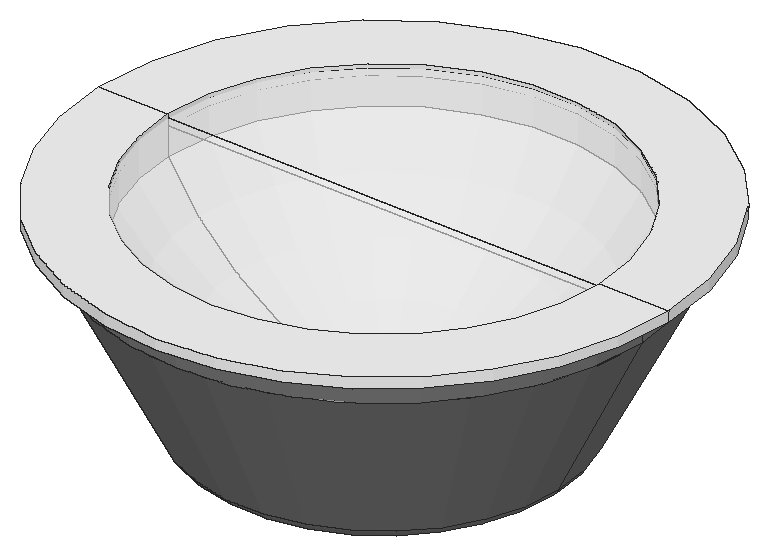
Revit family "30527", category Lighting Fixtures, host Face, Revit 2018
Family settings
  Host = Face
  Round Connector Dimension = Use Diameter
  Part Type = Normal
  OmniClass Number = 23.80.70.00
  OmniClass Title = Lighting
  Cut with Voids When Loaded = No
  Light Source = Yes
  Shared = No
  Room Calculation Point = No
Parameters (values of type "0030527 INSAVER SLIM UGR19 IP44 205 2150LM 940")
  WidthBezel_SYL = if(Size1_SYL, 20 mm, if(Size2_SYL, 20 mm, if(Size3PIR_SYL, 30 mm, if(Size4_SYL, 20 mm, 20 mm))))  # 20 mm
  Weight = "n/a"
  Wattage Comments = ""
  Wattage = 12 W
  WarrantyStartDate [instance] = "n/a"
  WarrantyGuarantorParts = "n/a"
  WarrantyDurationUnit = "n/a"
  WarrantyDurationParts = ""
  WarrantyDescription = "http://www.sylvania-lighting.com"
  built-in parameter 1150110 = 1 (stored number, unit not read)
  Voltage = 230 V
  VisibilityPIR_SYL = Size3PIR_SYL  # no
  URL = "0.9"
  TypeName = "Insaver Slim UGR19 IP44 205 2150lm 940"
  Type Image = <None>
  Type Comments = "n/a"
  built-in parameter 1114217 = 1 (stored number, unit not read)
  Tilt Angle = -90.00°
  built-in parameter 1150109 = 1 (stored number, unit not read)
  built-in parameter 1150134 = (empty or 0)
  built-in parameter 1150113 = 1 (stored number, unit not read)
  Size4_SYL = no
  Size3PIR_SYL = no
  Size2_SYL = no
  Size1_SYL = yes
  SerialNumber [instance] = "n/a"
  RadiusTop_SYL = 6 mm
  RadiusReflector_SYL = if(Size1_SYL, 85 mm, if(Size2_SYL, 85 mm, if(Size3PIR_SYL, 85 mm, if(Size4_SYL, 100 mm, 120 mm))))  # 85 mm
  Photometric Web File = "0030527.IES"
  Material_3_FEILO = Top-Sylvania-STARTDownlight
  PowerFactor = 0.9
  PowerConsumption = "Lighting"
  NominalLength = 165 mm
  NominalHeight = 50 mm
  NominalDepth = 165 mm
  Name = "Insaver Slim UGR19 IP44 205 2150lm 940"
  ModelReference = Name  # "Insaver Slim UGR19 IP44 205 2150lm 940"
  ModelNumber = "0030527"
  Model = Name  # "Insaver Slim UGR19 IP44 205 2150lm 940"
  Material = "Feilo Sylvania"
  ManufacturerName = "108 lm/W"
  Manufacturer = ""
  LuminousEfficacy = ""
  built-in parameter 1150105 = 31.446 (stored number, unit not read)
  Lumens = 395.16 lm
  LuminaireType = "0"
  built-in parameter 1150115 = 1 (stored number, unit not read)
  LightOutputRatio = "LED"
  built-in parameter 1150137 = (empty or 0)
  built-in parameter 1150139 = (empty or 0)
  LampsType = Lamp  # "n/a"
  LampNominalLuminous = "4000 K"
  LampMacAdamStep = "90"
  LampColourTemperature = "LED"
  LampColourRenderingIndex = "16500"
  built-in parameter 1150112 = 1 (stored number, unit not read)
  built-in parameter 1150114 = 1 (stored number, unit not read)
  Lamp = "n/a"
  Keynote = "n/a"
  InstallationDate [instance] = "n/a"
  InputVoltage = "0"
  InputNominalFrequency = "4000"
  built-in parameter 1150132 = (empty or 0)
  built-in parameter 1150102 = (empty or 0)
  built-in parameter 1150107 = 3000 (stored number, unit not read)
  built-in parameter 1150138 = (empty or 0)
  IngressProtection = "IfcLightFixtureType"
  ImpactProtectionIndex = "IfcLightFixtureType"
  built-in parameter 1150106 = 0.31446 (stored number, unit not read)
  IfcExportType = "IfcLightFixtureType"
  IfcExportAs = "Class II"
  Height_SYL = if(Size1_SYL, 61 mm, if(Size2_SYL, 61 mm, if(Size3PIR_SYL, 61 mm, if(Size4_SYL, 61 mm, 60 mm))))  # 61 mm
  HeightBezel_SYL = if(Size1_SYL, 3 mm, if(Size2_SYL, 3 mm, if(Size3PIR_SYL, 3 mm, if(Size4_SYL, 3.2 mm, 3 mm))))  # 3 mm
  ExpectedLife = 50000
  Emit from Circle Diameter = Diameter_SYL - 40 mm  # 125 mm
  Emit Shape Visible in Rendering = no
  ElectricShockClassification = "108"
  built-in parameter 1150104 = 3.0593 (stored number, unit not read)
  DurationUnit = "hours"
  DocumentationLiterature = "http://www.sylvania-lighting.com/product/en-int/products/0030527"
  DimmingControlOptions = "n/a"
  Material_2_FEILO = Diffuser-Sylvania-STARTDownlight
  Dimming Lamp Color Temperature Shift = <None>
  Diameter_SYL = if(Size1_SYL, 165 mm, if(Size2_SYL, 190 mm, if(Size3PIR_SYL, 211 mm, if(Size4_SYL, 220 mm, 240 mm))))  # 165 mm
  DiameterTop_SYL = if(Size1_SYL, 98 mm, if(Size2_SYL, 122 mm, if(Size3PIR_SYL, 120 mm, if(Size4_SYL, 135 mm, 158 mm))))  # 98 mm
  DiameterTopBase_SYL = DiameterRecess_SYL  # 150 mm
  DiameterRecess_SYL = if(Size1_SYL, 150 mm, if(Size2_SYL, 170 mm, if(Size3PIR_SYL, 186 mm, if(Size4_SYL, 200 mm, 225 mm))))  # 150 mm
  Description = "Insaver Slim is a ceiling recessed LED downlight (IP44 from the front),Die-cast aluminium body, loop in loop out connector for quick installation, Non dimmable LED driver, 20W; 2150lm; 108lm/W; CRI90; 4000K; UGR <19 with shallow product depth 60mm. Meets TP(a) requirements."
  Default Elevation = 1219.2 mm
  CreatedOn = "05/03/2024"
  CreatedBy = "@sylvania-lighting.com"
  Cost = 0
  Color Filter = 16777215
  built-in parameter 1114216 [instance] = (empty or 0)
  ClassificationValue = "EF_70_80"
  ClassificationName = "Uniclass2015"
  Material_1_FEILO = Trim-Sylvania-STARTDownlight-White
  BarCode [instance] = "n/a"
  built-in parameter 1114218 = 1 (stored number, unit not read)
  built-in parameter 1150133 = 10 (stored number, unit not read)
  AssetType = "Fixed"
  AssetIdentifier [instance] = "n/a"
  Assembly Code = "D5020200"
  Apparent Load = 20 VA
  Material_4_FEILO = LED-Sylvania-STARTDownlight
Reference planes
  plane 1 "Center (Front/Back)": y = 0
  plane 2: z = 0
  plane 3 "Center (Left/Right)": x = 0
  plane 4: x = 82.5
  plane 5: x = -82.5
  plane 6: z = 3
  plane 7: z = -8
  plane 8: z = -58
  plane 9: x = -75
  plane 10: x = 75
  plane 11: x = -49
  plane 12: x = 49
  plane 13: z = -85
  plane 14: x = -62.5
  plane 15: z = 2
  plane 16: z = -46
  plane 17: x = -16
  plane 18: x = -67.5
  plane 19: x = -81.5
  plane 20: x = -99.5
  plane 21: x = -76.5
  plane 22: z = 5.5
  plane 23: z = 8.7
  plane 24: x = -75.5
  plane 25: z = 13.7
Forms (mm)
  Revolve 1, void
    sketch origin (0, 0, 0) x (1, 0, 0) y (0, 0, 1)
      loop
        line (0, 0) -> (-75, 0) -> (-75, -85) -> (0, -85) -> (0, 0)
      axis (0, 0) -> (0, -85)
    angle from 360 to 0
  Revolve 2, solid, material "Trim-Sylvania-STARTDownlight-White" <- "Material_1_FEILO"
    sketch origin (0, 0, 0) x (1, 0, 0) y (0, 0, 1)
      loop
        line (-62.5, 3) -> (-82.5, 3) -> (-82.5, 0) -> (-75, 0) -> (-75, -8) -> (-50.681, -54.768)
        arc (-50.681, -54.768) -> (-48.471, -57.129) -> (-45.357, -58) r 6
        line (-45.357, -58) -> (0, -58) -> (0, -46) -> (-16, -46)
        arc (-16, -46) -> (-42.718, -31.243) -> (-62.5, -8) r 85
        line (-62.5, -8) -> (-62.5, 3)
      axis (0, 3) -> (0, -58)
    angle from 360 to 0
  Revolve 3, solid, material "Diffuser-Sylvania-STARTDownlight" <- "Material_2_FEILO"
    sketch origin (0, 0, 0) x (1, 0, 0) y (0, 0, 1)
      loop
        line (-62.5, 0) -> (0, 0) -> (0, 2) -> (-62.5, 2) -> (-62.5, 0)
      axis (0, 2) -> (0, 0)
    angle from 360 to 0
  Revolve 4, solid, material "Trim-Sylvania-STARTDownlight-White" <- "Material_1_FEILO", visible <- "VisibilityPIR_SYL"
    sketch origin (0, 0, 0) x (1, 0, 0) y (0, 0, 1)
      loop
        line (-67.5, 3) -> (-67.5, 13.7)
        arc (-67.5, 13.7) -> (-72.217, 12.347) -> (-75.5, 8.7) r 8.9
        line (-75.5, 8.7) -> (-75.5, 5.5) -> (-76.5, 5.5) -> (-76.5, 3) -> (-67.5, 3)
      axis (-67.5, 13.7) -> (-67.5, 3)
    angle from 360 to 0
Dimensions and locks
  equal spacing: plane 4, plane 3 "Center (Left/Right)", plane 5
  "Diameter_SYL": plane 4 to plane 5
  equal spacing: plane 10, plane 3 "Center (Left/Right)", plane 9
  equal spacing: plane 12, plane 3 "Center (Left/Right)", plane 11
  "DiameterTop_SYL": plane 12 to plane 11
  "HeightBezel_SYL": plane 6 to plane 2
  "Height_SYL": plane 6 to plane 8
  locked: plane 2 to plane 7 at 8
  locked: plane 2 to plane 13 at 85
  "WidthBezel_SYL": plane 14 to plane 5
  locked: plane 6 to plane 15 at 1
  "DiameterRecess_SYL": plane 10 to plane 9
  locked: plane 3 "Center (Left/Right)" to plane 17 at 16
  locked: plane 16 to plane 8 at 12
  locked: plane 18 to plane 21 at 9
  locked: plane 22 to plane 6 at 2.5
  locked: plane 23 to plane 22 at 3.2
  locked: plane 18 to plane 24 at 8
  locked: plane 25 to plane 23 at 5
  locked: plane 25 to Revolve 4 sketch curve at 8.9
  locked: plane 18 to plane 5 at 15
  "RadiusReflector_SYL": radius of Revolve 2 sketch curve
  "RadiusTop_SYL": radius of Revolve 2 sketch curve
  aligned and locked: plane 2 to host face
  aligned and locked: level to host face
  aligned and locked: Revolve 1 sketch curve to plane 3 "Center (Left/Right)"
  aligned and locked: plane 3 "Center (Left/Right)" to Revolve 1 sketch curve
  aligned and locked: Revolve 1 sketch curve to plane 9
  aligned and locked: plane 13 to Revolve 1 sketch curve
  aligned and locked: plane 3 "Center (Left/Right)" to imposter light
  aligned and locked: imposter light to plane 15
  aligned and locked: imposter light to plane 1 "Center (Front/Back)"
  aligned and locked: Revolve 2 sketch curve to plane 3 "Center (Left/Right)"
  aligned and locked: Revolve 2 sketch curve to plane 6
  aligned and locked: Revolve 2 sketch curve to plane 5
  aligned and locked: Revolve 2 sketch curve to level
  aligned and locked: plane 7 to Revolve 2 sketch curve  (x2)
  aligned and locked: Revolve 2 sketch curve to plane 9
  aligned and locked: plane 8 to Revolve 2 sketch curve
  aligned and locked: Revolve 2 sketch curve to plane 14
  aligned and locked: plane 3 "Center (Left/Right)" to Revolve 2 sketch curve
  aligned and locked: Revolve 2 sketch curve to plane 16
  aligned and locked: Revolve 3 sketch curve to plane 3 "Center (Left/Right)"
  aligned and locked: Revolve 3 sketch curve to level
  aligned and locked: imposter light to Revolve 3 sketch curve  (x2)
  aligned and locked: Revolve 4 sketch curve to plane 18  (x2)
  aligned and locked: Revolve 4 sketch curve to plane 6
  aligned and locked: plane 22 to Revolve 4 sketch curve
  aligned and locked: plane 24 to Revolve 4 sketch curve
  aligned and locked: Revolve 4 sketch curve to Revolve 4 sketch curve
  aligned and locked: plane 21 to Revolve 4 sketch curve
Automatic sketch dimensions
  host sketch curve to host sketch curve = 2438.4 mm  (x2)
  plane 13 to Revolve 1 sketch curve = 524.6 mm
  Revolve 1 sketch curve to plane 6 = 2606.058 mm
  Revolve 1 sketch curve to level = 0 mm
  Revolve 2 sketch curve to plane 17 = 0 mm
  Revolve 2 sketch curve to plane 11 = 1.681 mm
  plane 11 to Revolve 2 sketch curve = 3.643 mm
  plane 13 to Revolve 2 sketch curve = 524.6 mm
  Revolve 2 sketch curve to Revolve 2 sketch curve = 2577.983 mm
  Revolve 3 sketch curve to plane 14 = 0 mm
  plane 13 to Revolve 3 sketch curve = 524.6 mm
  Revolve 3 sketch curve to plane 6 = 2606.058 mm
  Revolve 4 sketch curve to plane 23 = 0 mm
  plane 13 to Revolve 4 sketch curve = 524.6 mm
  Revolve 4 sketch curve to Revolve 4 sketch curve = 2595.358 mm
Connectors
  electrical at (0, 0, 0), driven by "Apparent Load", driven by "PowerFactor", driven by "Voltage"
    settings: index 1, voltage 230 V, apparent load 20 VA, apparent load phase1 0 VA, apparent load phase2 0 VA, apparent load phase3 0 VA, power factor 0.9, load classification "Lighting", number of poles 1, system type 30, power factor state 1, is connector primary yes, connector utility no, sub classification motor no, connector description ""
